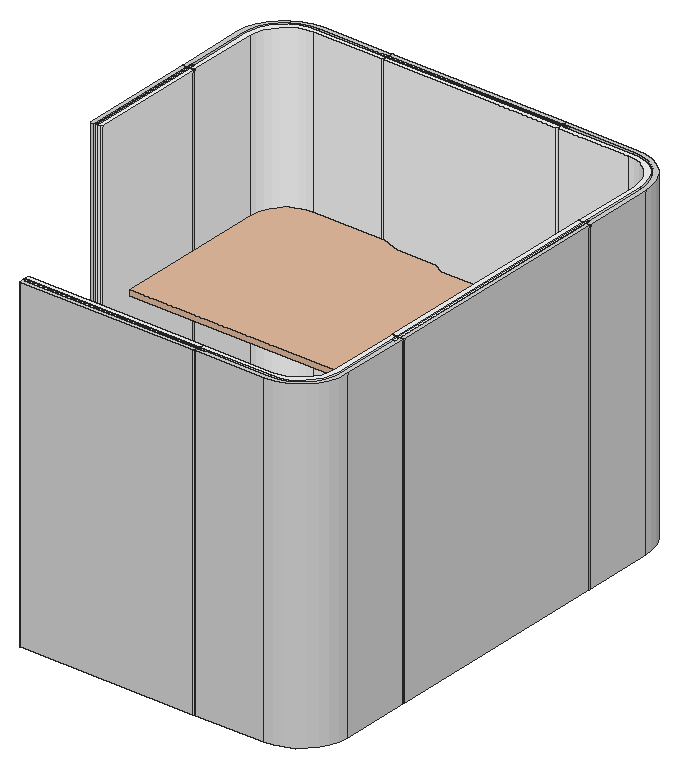
Revit family "NBS_Senator_MeetingPods_SoloAbodePlusLeftHand", category Furniture, Revit 2018
Family settings
  Work Plane-Based = No
  Always vertical = Yes
  Cut with Voids When Loaded = No
  Shared = No
  Room Calculation Point = No
Parameters
  WarrantyStartDate [instance] = "1900-12-31T23:59:59"
  WarrantyGuarantorParts = "contactus@thesenatorgroup.com"
  WarrantyGuarantorLabor = "n/a"
  WarrantyDurationUnit = "year"
  WarrantyDurationParts = "10"
  WarrantyDurationLabor = "n/a"
  WarrantyDescription = "Senator warrants that its manufactured products are free from manufacturing defects - in materials or workmanship - for a period of ten (10) years on Senator Seating ranges; and fifteen (15) years on Senator Desking ranges - exceptions are listed below. Senator will repair or replace (at Senator’s sole discretion) with comparable free of charge materials / components, any product / component, which fails under normal use in a single shift environment, as a result of a defect in the materials and / or workmanship"
  Version = "1"  # constant formula
  Uniclass2015Version = "Products v1.16"
  Uniclass2015Title = "Pr_40_50_12_53"
  Uniclass2015Code = "Meeting pods"
  TagNumber [instance] = "n/a"
  SustainabilityPerformance = "99% recyclable"
  Style = "Pods"
  Status = "UNSET"
  Size = "2000 x 1750 x 1400 mm"
  Shape = "n/a"
  SerialNumber [instance] = "n/a"
  SeatWidth = "n/a"
  SeatDepth = "n/a"
  Revision = "n/a"
  ReplacementCost = "n/a"
  Reference = "n/a"
  ProductInformation = "n/a"
  PodWidth = 1750 mm  # constant formula
  PodHeight = 1400 mm
  PodDepth = 2000 mm  # constant formula
  InnerPanelMaterial = NBS_Senator_White
  OuterPanelMaterial = NBS_Senator_StAndrews
  NominalWidth = 1400 mm
  NominalLength = 1750 mm
  NominalHeight = 1400 mm
  NominalDepth = 2000 mm
  Name = "MeetingPods_SoloAbodePlusLeftHand_PDSAP14L_Senator"
  NBSReference = "45-35-20/342"
  NBSDescription = "Meeting pods"
  NBSCertification = "www.nationalbimlibrary.com/cert/ofvhggam"
  ModelReference = "Pods-SoloAbodePlusLeftHand_PDSAP14L"
  ModelNumber = "PDSAP14L"
  Material = "Fabric, metal, plastic"
  ManufacturerURL = "www.senator.co.uk"
  ManufacturerName = "The Senator Group"  # constant formula
  Manufacturer = "sales@senator.co.uk"  # constant formula
  MainColor = "n/a"
  IsBuiltIn = no
  InstallationDate [instance] = "1900-12-31T23:59:59"
  MiddlePanelMaterial = NBS_Senator_White
  IfcExportType = "USERDEFINED"  # constant formula
  IfcExportAs = "IfcFurnitureType"  # constant formula
  Grade = "n/a"
  FramesColour = "Black, white"
  FinishOptions = "Carini walnut, mocha, autumn, strata oak, maple, highland oak, beech, winter oak, hacienda white, white, light grey, denim, clay, lemon sorbet"
  Finish = "Outer vertical panels upholstered in camira, blazer fabric Two tone is standard"
  Features = "Internal frame with multi-layered acoustic foam, levelling adjusters, blazer fabric, outer vertical panels"
  FabricFinishOptions = "Plymouth, fairfield, latymer, lancaster, silcoates, silverdale, st andrews, trevelyan, ulster, wellington, wesley, manchester,"
  ExpectedLife = "10"
  DurationUnit = "year"
  DeskWidth = 1645 mm  # constant formula
  DeskThickness = 0 mm
  DeskMaterial = NBS_Senator_HighlandOak
  DeskDepth = 800 mm  # constant formula
  Description = "Compact single person workspace"
  Constituents = "n/a"
  Color = "n/a"
  CodePerformance = "n/a"
  Category = "Pr_40_50_12_53: Meeting pods"
  BarCode [instance] = "n/a"
  BIMObjectName = "NBS_Senator_MeetingPods_SoloAbodePlusLeftHand_PDSAP14L"
  Author = "NBS"  # constant formula
  AssetType = "Fixed"
  AssetIdentifier [instance] = "n/a"
  Accessories = "Monitor arms, PU desk accessories, desk top accessories, CPU holders, electrical accessories, coat hanger, name plate, A2 dry wipe board with hanger, A3 dry wipe board with hanger"
  AccessibilityPerformance = "n/a"
Types (3, lengths in mm): name | Size | PodHeight | NominalWidth | NominalHeight | Name | ModelReference | ModelNumber | BIMObjectName
  (no name) | "2000 x 1750 x 1400 mm" | 1400 | 1400 | 1400 | "MeetingPods_SoloAbodePlusLeftHand_PDSAP14L_Senator" | "Pods-SoloAbodePlusLeftHand_PDSAP14L" | "PDSAP14L" | "NBS_Senator_MeetingPods_SoloAbodePlusLeftHand_PDSAP14L"
  PDSAP14L | "2000 x 1750 x 1400 mm" | 1400 | 1400 | 1400 | "MeetingPods_SoloAbodePlusLeftHand_PDSAP14L_Senator" | "Pods-SoloAbodePlusLeftHand_PDSAP14L" | "PDSAP14L" | "NBS_Senator_MeetingPods_SoloAbodePlusLeftHand_PDSAP14L"
  PDSAP18L | "2000 x 1750 x 1800 mm" | 1800 | 1800 | 1800 | "MeetingPods_SoloAbodePlusLeftHand_PDSAP18L_Senator" | "Pods-SoloAbodePlusLeftHand_PDSAP18L" | "PDSAP18L" | "NBS_Senator_MeetingPods_SoloAbodePlusLeftHand_PDSAP18L"
Reference planes
  plane 1 "Center (Front/Back)": y = 0
  plane 2 "Bottom": z = 0
  plane 3 "Center (Left/Right)": x = 0
  plane 4 "Right": x = 875
  plane 5 "Left": x = -875
  plane 6 "Back": y = 1000
  plane 7 "Front": y = -1000
  plane 8 "Top": z = 1400
  plane 9: y = -950
  plane 10: x = -825
  plane 11: x = 825
  plane 12: y = 950
  plane 13: y = -970
  plane 14: y = -980
  plane 15: x = 855
  plane 16: x = 845
  plane 17: y = 980
  plane 18: y = 970
  plane 19: x = -855
  plane 20: x = -845
  plane 21: x = -822.791
  plane 22: x = 822.208
  plane 23: y = 150.31
  plane 24: x = -375
  plane 25: y = -525.328
  plane 26: y = 526.117
  plane 27: x = 400.723
  plane 28: x = -400.723
  plane 29: y = 526.117
  plane 30: y = 3.745
  plane 31: y = 501.044
  plane 32: y = 500.044
  plane 33: x = -374.65
  plane 34: x = -375.65
  plane 35: x = 375.65
  plane 36: x = 374.65
  plane 37: y = 501.044
  plane 38: y = 500.044
  plane 39: y = -499.255
  plane 40: y = -500.255
  plane 41: x = 375.445
  plane 42: y = 920.31
  plane 43: y = 895.865
  plane 44: z = 710
  plane 45: z = 685
  plane 46: x = 401.518
  plane 47: x = 376.445
Forms (mm)
  Extrusion 1, solid, material "NBS_Senator_White" <- "MiddlePanelMaterial", detail levels medium+fine
    sketch origin (0, 0, 0) x (1, 0, 0) y (0, 1, 0)
      loop
        arc (-369.897, -970) -> (-374.897, -975) -> (-369.897, -980) r 5
        line (-369.897, -980) -> (401.518, -980) -> (401.518, -970) -> (-369.897, -970)
      loop
        line (845, 526.117) -> (845, -525.328) -> (855, -525.328) -> (855, 526.117) -> (845, 526.117)
      loop
        line (-400.723, 980) -> (-400.723, 970) -> (400.723, 970) -> (400.723, 980) -> (-400.723, 980)
      loop
        line (-855, 526.117) -> (-855, 8.773)
        arc (-855, 8.773) -> (-850, 3.773) -> (-845, 8.773) r 5
        line (-845, 8.773) -> (-845, 526.117) -> (-855, 526.117)
    from 0 to 1400
  Extrusion 2, solid, material "NBS_Senator_StAndrews" <- "OuterPanelMaterial", detail levels medium+fine
    sketch origin (0, 0, 0) x (1, 0, 0) y (0, 1, 0)
      loop
        arc (-369.65, 1000) -> (-373.185, 998.536) -> (-374.65, 995) r 5
        line (-374.65, 995) -> (-374.65, 985)
        arc (-374.65, 985) -> (-373.185, 981.464) -> (-369.65, 980) r 5
        line (-369.65, 980) -> (369.65, 980)
        arc (369.65, 980) -> (373.185, 981.464) -> (374.65, 985) r 5
        line (374.65, 985) -> (374.65, 995)
        arc (374.65, 995) -> (373.185, 998.536) -> (369.65, 1000) r 5
        line (369.65, 1000) -> (-369.65, 1000)
    from 0 to 1400
  Extrusion 3, solid, material "NBS_Senator_White" <- "InnerPanelMaterial", detail levels medium+fine
    sketch origin (0, 0, 0) x (1, 0, 0) y (0, 1, 0)
      loop
        arc (-369.65, 970) -> (-373.185, 968.536) -> (-374.65, 965) r 5
        line (-374.65, 965) -> (-374.65, 955)
        arc (-374.65, 955) -> (-373.185, 951.464) -> (-369.65, 950) r 5
        line (-369.65, 950) -> (369.65, 950)
        arc (369.65, 950) -> (373.185, 951.464) -> (374.65, 955) r 5
        line (374.65, 955) -> (374.65, 965)
        arc (374.65, 965) -> (373.185, 968.536) -> (369.65, 970) r 5
        line (369.65, 970) -> (-369.65, 970)
    from 0 to 1400
  Extrusion 4, solid, material "NBS_Senator_White" <- "InnerPanelMaterial", detail levels medium+fine
    sketch origin (0, 0, 0) x (1, 0, 0) y (0, 1, 0)
      loop
        arc (-840, 500.044) -> (-843.536, 498.58) -> (-845, 495.044) r 5
        line (-845, 495.044) -> (-845, 8.745)
        arc (-845, 8.745) -> (-843.536, 5.209) -> (-840, 3.745) r 5
        line (-840, 3.745) -> (-830, 3.745)
        arc (-830, 3.745) -> (-826.464, 5.209) -> (-825, 8.745) r 5
        line (-825, 8.745) -> (-825, 495.044)
        arc (-825, 495.044) -> (-826.464, 498.58) -> (-830, 500.044) r 5
        line (-830, 500.044) -> (-840, 500.044)
    from 0 to 1400
  Extrusion 5, solid, material "NBS_Senator_White" <- "InnerPanelMaterial", detail levels medium+fine
    sketch origin (0, 0, 0) x (1, 0, 0) y (0, 1, 0)
      loop
        line (-380.65, 970) -> (-680, 970)
        arc (-680, 970) -> (-796.673, 921.673) -> (-845, 805) r 165
        line (-845, 805) -> (-845, 506.044)
        arc (-845, 506.044) -> (-843.536, 502.509) -> (-840, 501.044) r 5
        line (-840, 501.044) -> (-830, 501.044)
        arc (-830, 501.044) -> (-826.464, 502.509) -> (-825, 506.044) r 5
        line (-825, 506.044) -> (-825, 800)
        arc (-825, 800) -> (-781.066, 906.066) -> (-675, 950) r 150
        line (-675, 950) -> (-380.65, 950)
        arc (-380.65, 950) -> (-377.114, 951.464) -> (-375.65, 955) r 5
        line (-375.65, 955) -> (-375.65, 965)
        arc (-375.65, 965) -> (-377.114, 968.536) -> (-380.65, 970) r 5
    from 0 to 1400
  Extrusion 6, solid, material "NBS_Senator_White" <- "InnerPanelMaterial", detail levels medium+fine
    sketch origin (0, 0, 0) x (1, 0, 0) y (0, 1, 0)
      loop
        line (830, 501.044) -> (840, 501.044)
        arc (840, 501.044) -> (843.536, 502.509) -> (845, 506.044) r 5
        line (845, 506.044) -> (845, 805)
        arc (845, 805) -> (796.673, 921.673) -> (680, 970) r 165
        line (680, 970) -> (380.65, 970)
        arc (380.65, 970) -> (377.114, 968.536) -> (375.65, 965) r 5
        line (375.65, 965) -> (375.65, 955)
        arc (375.65, 955) -> (377.114, 951.464) -> (380.65, 950) r 5
        line (380.65, 950) -> (675, 950)
        arc (675, 950) -> (781.066, 906.066) -> (825, 800) r 150
        line (825, 800) -> (825, 506.044)
        arc (825, 506.044) -> (826.464, 502.509) -> (830, 501.044) r 5
    from 0 to 1400
  Extrusion 7, solid, material "NBS_Senator_White" <- "InnerPanelMaterial", detail levels medium+fine
    sketch origin (0, 0, 0) x (1, 0, 0) y (0, 1, 0)
      loop
        arc (830, 500.044) -> (826.464, 498.58) -> (825, 495.044) r 5
        line (825, 495.044) -> (825, -494.255)
        arc (825, -494.255) -> (826.464, -497.791) -> (830, -499.255) r 5
        line (830, -499.255) -> (840, -499.255)
        arc (840, -499.255) -> (843.536, -497.791) -> (845, -494.255) r 5
        line (845, -494.255) -> (845, 495.044)
        arc (845, 495.044) -> (843.536, 498.58) -> (840, 500.044) r 5
        line (840, 500.044) -> (830, 500.044)
    from 0 to 1400
  Extrusion 8, solid, material "NBS_Senator_White" <- "InnerPanelMaterial", detail levels medium+fine
    sketch origin (0, 0, 0) x (1, 0, 0) y (0, 1, 0)
      loop
        arc (381.445, -950) -> (377.91, -951.464) -> (376.445, -955) r 5
        line (376.445, -955) -> (376.445, -965)
        arc (376.445, -965) -> (377.91, -968.536) -> (381.445, -970) r 5
        line (381.445, -970) -> (680, -970)
        arc (680, -970) -> (796.673, -921.673) -> (845, -805) r 165
        line (845, -805) -> (845, -505.255)
        arc (845, -505.255) -> (843.536, -501.72) -> (840, -500.255) r 5
        line (840, -500.255) -> (830, -500.255)
        arc (830, -500.255) -> (826.464, -501.72) -> (825, -505.255) r 5
        line (825, -505.255) -> (825, -800)
        arc (825, -800) -> (781.066, -906.066) -> (675, -950) r 150
        line (675, -950) -> (381.445, -950)
    from 0 to 1400
  Extrusion 9, solid, material "NBS_Senator_StAndrews" <- "OuterPanelMaterial", detail levels medium+fine
    sketch origin (-30, 0, 0) x (1, 0, 0) y (0, 1, 0)
      loop
        arc (-840, 500.044) -> (-843.536, 498.58) -> (-845, 495.044) r 5
        line (-845, 495.044) -> (-845, 8.745)
        arc (-845, 8.745) -> (-843.536, 5.209) -> (-840, 3.745) r 5
        line (-840, 3.745) -> (-830, 3.745)
        arc (-830, 3.745) -> (-826.464, 5.209) -> (-825, 8.745) r 5
        line (-825, 8.745) -> (-825, 495.044)
        arc (-825, 495.044) -> (-826.464, 498.58) -> (-830, 500.044) r 5
        line (-830, 500.044) -> (-840, 500.044)
    from 0 to 1400
  Extrusion 10, solid, material "NBS_Senator_StAndrews" <- "OuterPanelMaterial", detail levels medium+fine
    sketch origin (0, 0, 0) x (1, 0, 0) y (0, 1, 0)
      loop
        line (-870, 501.044) -> (-860, 501.044)
        arc (-860, 501.044) -> (-856.464, 502.509) -> (-855, 506.044) r 5
        line (-855, 506.044) -> (-855, 800)
        arc (-855, 800) -> (-802.279, 927.279) -> (-675, 980) r 180
        line (-675, 980) -> (-380.65, 980)
        arc (-380.65, 980) -> (-377.114, 981.464) -> (-375.65, 985) r 5
        line (-375.65, 985) -> (-375.65, 995)
        arc (-375.65, 995) -> (-377.114, 998.536) -> (-380.65, 1000) r 5
        line (-380.65, 1000) -> (-673, 1000)
        arc (-673, 1000) -> (-815.836, 940.836) -> (-875, 798) r 202
        line (-875, 798) -> (-875, 506.044)
        arc (-875, 506.044) -> (-873.536, 502.509) -> (-870, 501.044) r 5
    from 0 to 1400
  Extrusion 11, solid, material "NBS_Senator_StAndrews" <- "OuterPanelMaterial", detail levels medium+fine
    sketch origin (0, 0, 0) x (1, 0, 0) y (0, 1, 0)
      loop
        arc (380.65, 1000) -> (377.114, 998.536) -> (375.65, 995) r 5
        line (375.65, 995) -> (375.65, 985)
        arc (375.65, 985) -> (377.114, 981.464) -> (380.65, 980) r 5
        line (380.65, 980) -> (675, 980)
        arc (675, 980) -> (802.279, 927.279) -> (855, 800) r 180
        line (855, 800) -> (855, 506.044)
        arc (855, 506.044) -> (856.464, 502.509) -> (860, 501.044) r 5
        line (860, 501.044) -> (870, 501.044)
        arc (870, 501.044) -> (873.536, 502.509) -> (875, 506.044) r 5
        line (875, 506.044) -> (875, 798)
        arc (875, 798) -> (815.836, 940.836) -> (673, 1000) r 202
        line (673, 1000) -> (380.65, 1000)
    from 0 to 1400
  Extrusion 12, solid, material "NBS_Senator_StAndrews" <- "OuterPanelMaterial", detail levels medium+fine
    sketch origin (33.932, 0, 0) x (1, 0, 0) y (0, 1, 0)
      loop
        arc (826.068, 500.044) -> (822.533, 498.58) -> (821.068, 495.044) r 5
        line (821.068, 495.044) -> (821.068, -494.255)
        arc (821.068, -494.255) -> (822.533, -497.791) -> (826.068, -499.255) r 5
        line (826.068, -499.255) -> (836.068, -499.255)
        arc (836.068, -499.255) -> (839.604, -497.791) -> (841.068, -494.255) r 5
        line (841.068, -494.255) -> (841.068, 495.044)
        arc (841.068, 495.044) -> (839.604, 498.58) -> (836.068, 500.044) r 5
        line (836.068, 500.044) -> (826.068, 500.044)
    from 0 to 1400
  Extrusion 13, solid, material "NBS_Senator_StAndrews" <- "OuterPanelMaterial", detail levels medium+fine
    sketch origin (0, 0, 0) x (1, 0, 0) y (0, 1, 0)
      loop
        arc (860, -500.255) -> (856.464, -501.72) -> (855, -505.255) r 5
        line (855, -505.255) -> (855, -800)
        arc (855, -800) -> (802.279, -927.279) -> (675, -980) r 180
        line (675, -980) -> (381.445, -980)
        arc (381.445, -980) -> (377.91, -981.464) -> (376.445, -985) r 5
        line (376.445, -985) -> (376.445, -995)
        arc (376.445, -995) -> (377.91, -998.536) -> (381.445, -1000) r 5
        line (381.445, -1000) -> (673, -1000)
        arc (673, -1000) -> (815.836, -940.836) -> (875, -798) r 202
        line (875, -798) -> (875, -505.255)
        arc (875, -505.255) -> (873.536, -501.72) -> (870, -500.255) r 5
        line (870, -500.255) -> (860, -500.255)
    from 0 to 1400
  Extrusion 14, solid, material "NBS_Senator_White" <- "InnerPanelMaterial", detail levels medium+fine
    sketch origin (0, 0, 0) x (1, 0, 0) y (0, 1, 0)
      loop
        arc (-370, -950) -> (-373.536, -951.464) -> (-375, -955) r 5
        line (-375, -955) -> (-375, -965)
        arc (-375, -965) -> (-373.536, -968.536) -> (-370, -970) r 5
        line (-370, -970) -> (370.445, -970)
        arc (370.445, -970) -> (373.981, -968.536) -> (375.445, -965) r 5
        line (375.445, -965) -> (375.445, -955)
        arc (375.445, -955) -> (373.981, -951.464) -> (370.445, -950) r 5
        line (370.445, -950) -> (-370, -950)
    from 0 to 1400
  Extrusion 15, solid, material "NBS_Senator_StAndrews" <- "OuterPanelMaterial", detail levels medium+fine
    sketch origin (0, 0, 0) x (1, 0, 0) y (0, 1, 0)
      loop
        arc (-370, -980) -> (-373.536, -981.464) -> (-375, -985) r 5
        line (-375, -985) -> (-375, -995)
        arc (-375, -995) -> (-373.536, -998.536) -> (-370, -1000) r 5
        line (-370, -1000) -> (370.445, -1000)
        arc (370.445, -1000) -> (373.981, -998.536) -> (375.445, -995) r 5
        line (375.445, -995) -> (375.445, -985)
        arc (375.445, -985) -> (373.981, -981.464) -> (370.445, -980) r 5
        line (370.445, -980) -> (-370, -980)
    from 0 to 1400
  Extrusion 16, solid, material "NBS_Senator_StAndrews" <- "OuterPanelMaterial", detail levels coarse
    sketch origin (0, 0, 0) x (1, 0, 0) y (0, 1, 0)
      loop
        line (-875, 3.745) -> (-825, 3.745) -> (-825, 800)
        arc (-825, 800) -> (-781.066, 906.066) -> (-675, 950) r 150
        line (-675, 950) -> (675, 950)
        arc (675, 950) -> (781.066, 906.066) -> (825, 800) r 150
        line (825, 800) -> (825, -800)
        arc (825, -800) -> (781.066, -906.066) -> (675, -950) r 150
        line (675, -950) -> (-375, -950) -> (-375, -1000) -> (673, -1000)
        arc (673, -1000) -> (815.836, -940.836) -> (875, -798) r 202
        line (875, -798) -> (875, 798)
        arc (875, 798) -> (815.836, 940.836) -> (673, 1000) r 202
        line (673, 1000) -> (-673, 1000)
        arc (-673, 1000) -> (-815.836, 940.836) -> (-875, 798) r 202
        line (-875, 798) -> (-875, 3.745)
    from 0 to 1400
Dimensions and locks
  "PodWidth": plane 5 "Left" to plane 4 "Right"
  "PodDepth": plane 7 "Front" to plane 6 "Back"
  equal spacing: plane 5 "Left", plane 3 "Center (Left/Right)", plane 4 "Right"
  "PodHeight": plane 8 "Top" to plane 2 "Bottom"
  plane 5 "Left" to plane 19 to plane 20 to plane 10 to plane 21 = 20 mm locked, 10 mm locked, 20 mm locked, 2.209 mm locked
  plane 22 to plane 11 to plane 16 to plane 15 to plane 4 "Right" = 2.792 mm locked, 20 mm locked, 10 mm locked, 20 mm locked
  plane 12 to plane 18 to plane 17 to plane 6 "Back" = 20 mm locked, 10 mm locked, 20 mm locked
  plane 7 "Front" to plane 14 to plane 13 to plane 9 = 20 mm locked, 10 mm locked, 20 mm locked
  locked: plane 44 to plane 45 at 25
  locked: plane 44 to plane 2 "Bottom" at 710
  locked: plane 34 to plane 33 at 1
  locked: plane 28 to plane 34 at 25.073
  locked: plane 5 "Left" to plane 33 at 500.35
  locked: plane 36 to plane 35 at 1
  locked: plane 35 to plane 27 at 25.073
  locked: plane 36 to plane 4 "Right" at 500.35
  radius of Extrusion 2 sketch curve = 5 mm  (x4)
  radius of Extrusion 3 sketch curve = 5 mm  (x2)
  radius of Extrusion 5 sketch curve = 150 mm
  radius of Extrusion 5 sketch curve = 165 mm
  radius of Extrusion 5 sketch curve = 5 mm  (x2)
  radius of Extrusion 6 sketch curve = 165 mm
  radius of Extrusion 6 sketch curve = 150 mm
  radius of Extrusion 6 sketch curve = 5 mm  (x2)
  radius of Extrusion 10 sketch curve = 180 mm
  radius of Extrusion 10 sketch curve = 202 mm
  radius of Extrusion 10 sketch curve = 5 mm  (x4)
  radius of Extrusion 11 sketch curve = 180 mm
  radius of Extrusion 11 sketch curve = 202 mm
  radius of Extrusion 11 sketch curve = 5 mm  (x4)
  radius of Extrusion 13 sketch curve = 180 mm
  radius of Extrusion 13 sketch curve = 202 mm
  radius of Extrusion 13 sketch curve = 5 mm  (x4)
  radius of Extrusion 14 sketch curve = 5 mm  (x4)
  radius of Extrusion 15 sketch curve = 5 mm  (x4)
  radius of Extrusion 16 sketch curve = 150 mm  (x3)
  radius of Extrusion 16 sketch curve = 202 mm  (x3)
  aligned and locked: level to plane 2 "Bottom"
  aligned and locked: plane 13 to Extrusion 1 sketch curve
  aligned and locked: Extrusion 1 sketch curve to plane 14
  aligned and locked: plane 25 to Extrusion 1 sketch curve
  aligned and locked: plane 16 to Extrusion 1 sketch curve
  aligned and locked: Extrusion 1 sketch curve to plane 15
  aligned and locked: Extrusion 1 sketch curve to plane 26
  aligned and locked: plane 27 to Extrusion 1 sketch curve
  aligned and locked: plane 17 to Extrusion 1 sketch curve
  aligned and locked: Extrusion 1 sketch curve to plane 18
  aligned and locked: Extrusion 1 sketch curve to plane 28
  aligned and locked: Extrusion 1 sketch curve to plane 20
  aligned and locked: plane 19 to Extrusion 1 sketch curve
  aligned and locked: Extrusion 1 sketch curve to plane 29
  aligned and locked: Extrusion 1 to plane 2 "Bottom"
  aligned and locked: plane 8 "Top" to Extrusion 1
  aligned and locked: plane 36 to Extrusion 2 sketch curve
  aligned and locked: plane 6 "Back" to Extrusion 2 sketch curve
  aligned and locked: Extrusion 2 sketch curve to plane 17
  aligned and locked: Extrusion 2 sketch curve to plane 33
  aligned and locked: Extrusion 3 to plane 36
  aligned and locked: plane 33 to Extrusion 3
  aligned and locked: Extrusion 4 sketch curve to plane 10
  aligned and locked: plane 30 to Extrusion 4 sketch curve
  aligned and locked: plane 20 to Extrusion 4 sketch curve
  aligned and locked: Extrusion 4 sketch curve to plane 32
  aligned and locked: Extrusion 4 to plane 2 "Bottom"
  aligned and locked: plane 8 "Top" to Extrusion 4
  aligned and locked: Extrusion 5 sketch curve to plane 10
  aligned and locked: plane 31 to Extrusion 5 sketch curve
  aligned and locked: plane 20 to Extrusion 5 sketch curve
  aligned and locked: plane 12 to Extrusion 5 sketch curve
  aligned and locked: Extrusion 5 sketch curve to plane 18
  aligned and locked: Extrusion 5 sketch curve to plane 34
  aligned and locked: plane 8 "Top" to Extrusion 5
  aligned and locked: Extrusion 5 to plane 2 "Bottom"
  aligned and locked: Extrusion 2 to plane 2 "Bottom"
  aligned and locked: plane 8 "Top" to Extrusion 2
  aligned and locked: Extrusion 3 sketch curve to plane 12
  aligned and locked: Extrusion 3 to plane 18
  aligned and locked: plane 18 to Extrusion 3 sketch curve
  aligned and locked: Extrusion 3 sketch curve to plane 33
  aligned and locked: plane 36 to Extrusion 3 sketch curve
  aligned and locked: Extrusion 6 sketch curve to plane 35
  aligned and locked: Extrusion 6 sketch curve to plane 12
  aligned and locked: plane 18 to Extrusion 6 sketch curve
  aligned and locked: Extrusion 6 sketch curve to plane 37
  aligned and locked: Extrusion 6 sketch curve to plane 11
  aligned and locked: plane 16 to Extrusion 6 sketch curve
  aligned and locked: Extrusion 6 to plane 2 "Bottom"
  aligned and locked: plane 8 "Top" to Extrusion 6
  aligned and locked: Extrusion 7 sketch curve to plane 38
  aligned and locked: plane 11 to Extrusion 7 sketch curve
  aligned and locked: Extrusion 7 sketch curve to plane 16
  aligned and locked: plane 39 to Extrusion 7 sketch curve
  aligned and locked: Extrusion 7 to plane 2 "Bottom"
  aligned and locked: plane 8 "Top" to Extrusion 7
  aligned and locked: Extrusion 8 sketch curve to plane 40
  aligned and locked: plane 11 to Extrusion 8 sketch curve
  aligned and locked: Extrusion 8 sketch curve to plane 16
  aligned and locked: plane 9 to Extrusion 8 sketch curve
  aligned and locked: Extrusion 8 sketch curve to plane 13
  aligned and locked: Extrusion 8 to plane 2 "Bottom"
  aligned and locked: plane 8 "Top" to Extrusion 8
  aligned and locked: plane 30 to Extrusion 9 sketch curve
  aligned and locked: plane 5 "Left" to Extrusion 9 sketch curve
  aligned and locked: Extrusion 9 sketch curve to plane 19
  aligned and locked: Extrusion 9 sketch curve to plane 32
  aligned and locked: Extrusion 10 sketch curve to plane 31
  aligned and locked: plane 19 to Extrusion 10 sketch curve
  aligned and locked: Extrusion 10 sketch curve to plane 5 "Left"
  aligned and locked: plane 6 "Back" to Extrusion 10 sketch curve
  aligned and locked: Extrusion 10 sketch curve to plane 17
  aligned and locked: plane 34 to Extrusion 10 sketch curve
  aligned and locked: Extrusion 10 to plane 2 "Bottom"
  aligned and locked: plane 8 "Top" to Extrusion 10
  aligned and locked: plane 15 to Extrusion 11 sketch curve
  aligned and locked: plane 37 to Extrusion 11 sketch curve
  aligned and locked: Extrusion 11 sketch curve to plane 4 "Right"
  aligned and locked: Extrusion 11 sketch curve to plane 17
  aligned and locked: Extrusion 11 sketch curve to plane 35
  aligned and locked: plane 6 "Back" to Extrusion 11 sketch curve
  aligned and locked: Extrusion 12 sketch curve to plane 4 "Right"
  aligned and locked: plane 39 to Extrusion 12 sketch curve
  aligned and locked: plane 15 to Extrusion 12 sketch curve
  aligned and locked: Extrusion 12 sketch curve to plane 38
  aligned and locked: plane 8 "Top" to Extrusion 12
  aligned and locked: Extrusion 12 to plane 2 "Bottom"
  aligned and locked: plane 15 to Extrusion 13 sketch curve
  aligned and locked: Extrusion 13 sketch curve to plane 4 "Right"
  aligned and locked: Extrusion 13 sketch curve to plane 40
  aligned and locked: Extrusion 13 sketch curve to plane 7 "Front"
  aligned and locked: plane 14 to Extrusion 13 sketch curve
  aligned and locked: Extrusion 13 to plane 2 "Bottom"
  aligned and locked: plane 8 "Top" to Extrusion 13
  aligned and locked: plane 9 to Extrusion 14 sketch curve
  aligned and locked: plane 24 to Extrusion 14 sketch curve
  aligned and locked: plane 41 to Extrusion 14 sketch curve
  aligned and locked: Extrusion 14 sketch curve to plane 13
  aligned and locked: Extrusion 14 to plane 2 "Bottom"
  aligned and locked: plane 8 "Top" to Extrusion 14
  aligned and locked: plane 14 to Extrusion 15 sketch curve
  aligned and locked: plane 24 to Extrusion 15 sketch curve
  aligned and locked: Extrusion 15 sketch curve to plane 7 "Front"
  aligned and locked: plane 41 to Extrusion 15 sketch curve
  aligned and locked: Extrusion 15 to plane 2 "Bottom"
  aligned and locked: plane 8 "Top" to Extrusion 15
  aligned and locked: plane 8 "Top" to Extrusion 3
  aligned and locked: Extrusion 3 to plane 2 "Bottom"
  aligned and locked: plane 8 "Top" to Extrusion 11
  aligned and locked: Extrusion 11 to plane 2 "Bottom"
  aligned and locked: nested 1 to plane 44
  aligned and locked: nested 1 to plane 45
  aligned and locked: plane 3 "Center (Left/Right)" to nested 1
  aligned and locked: plane 12 to nested 1
  aligned and locked: Extrusion 9 to plane 2 "Bottom"
  aligned and locked: plane 8 "Top" to Extrusion 9
  aligned and locked: plane 24 to Extrusion 16 sketch curve
  aligned and locked: Extrusion 16 sketch curve to plane 7 "Front"
  aligned and locked: plane 9 to Extrusion 16 sketch curve
  aligned and locked: Extrusion 16 sketch curve to plane 4 "Right"
  aligned and locked: plane 11 to Extrusion 16 sketch curve
  aligned and locked: plane 6 "Back" to Extrusion 16 sketch curve
  aligned and locked: Extrusion 16 sketch curve to plane 12
  aligned and locked: Extrusion 16 sketch curve to plane 10
  aligned and locked: plane 5 "Left" to Extrusion 16 sketch curve
  aligned and locked: plane 30 to Extrusion 16 sketch curve
  aligned and locked: Extrusion 16 to plane 2 "Bottom"
  aligned and locked: plane 8 "Top" to Extrusion 16
  aligned and locked: plane 46 to Extrusion 1 sketch curve
  aligned and locked: Extrusion 13 sketch curve to plane 47
  aligned and locked: Extrusion 8 sketch curve to plane 47
Automatic sketch dimensions
  plane 24 to Extrusion 1 sketch curve = 5.103 mm
  plane 30 to Extrusion 1 sketch curve = 5.028 mm
  plane 6 "Back" to Extrusion 2 sketch curve = 5 mm
  Extrusion 3 sketch curve to plane 33 = 5 mm
  plane 36 to Extrusion 3 sketch curve = 5 mm
  plane 20 to Extrusion 4 sketch curve = 5 mm
  Extrusion 4 sketch curve to Extrusion 4 sketch curve = 5 mm
  Extrusion 4 sketch curve to plane 10 = 5 mm  (x2)
  Extrusion 5 sketch curve to Extrusion 5 sketch curve = 5 mm
  Extrusion 5 sketch curve to plane 10 = 5 mm
  plane 11 to Extrusion 6 sketch curve = 5 mm
  Extrusion 6 sketch curve to Extrusion 6 sketch curve = 5 mm
  plane 11 to Extrusion 7 sketch curve = 5 mm  (x2)
  Extrusion 7 sketch curve to plane 16 = 5 mm
  Extrusion 7 sketch curve to Extrusion 7 sketch curve = 5 mm
  plane 9 to Extrusion 8 sketch curve = 5 mm
  Extrusion 8 sketch curve to plane 13 = 5 mm
  plane 22 to Extrusion 8 sketch curve = 147.208 mm
  Extrusion 8 sketch curve to Extrusion 8 sketch curve = 5 mm  (x2)
  plane 11 to Extrusion 8 sketch curve = 5 mm
  plane 5 "Left" to Extrusion 9 sketch curve = 5 mm
  Extrusion 9 sketch curve to Extrusion 9 sketch curve = 5 mm
  Extrusion 9 sketch curve to plane 19 = 5 mm  (x2)
  Extrusion 12 sketch curve to Extrusion 12 sketch curve = 5 mm
  Extrusion 12 sketch curve to plane 32 = 5 mm
  Extrusion 12 sketch curve to plane 4 "Right" = 5 mm  (x2)
Nested families
  nested 1: "NBS_Senator_Desk_PDSAT" at (0, 950, 685), type "NBS_Senator_Desk_PDSAT"
    with DeskWidth 1645 mm, DeskDepth 800 mm
Definition of nested family "NBS_Senator_Desk_PDSAT"
  Parameters (values of type "NBS_Senator_Desk_PDSAT")
    DeskWidth = 1640 mm
    DeskThickness = 25 mm
    DeskMaterial = none
    DeskDepth = 960 mm
  Reference planes
    plane 1 "Back": y = 0
    plane 2 "Bottom": z = 0
    plane 3 "Center (Left/Right)": x = 0
    plane 4 "Left": x = -820
    plane 5 "Right": x = 820
    plane 6 "Front": y = -960
    plane 7 "Top": z = 25
  Forms (mm)
    Extrusion 1, solid, material <- "DeskMaterial"
      sketch origin (0, 0, 0) x (1, 0, 0) y (0, 1, 0)
        loop
          arc (-670, 0) -> (-776.066, -43.934) -> (-820, -150) r 150
          line (-820, -150) -> (-820, -960) -> (820, -960) -> (820, -150)
          arc (820, -150) -> (776.066, -43.934) -> (670, 0) r 150
          line (670, 0) -> (369.041, 0) -> (289.799, -29.69) -> (126.526, -29.69) -> (84.186, -54.135) -> (-84.186, -54.135) -> (-126.526, -29.69) -> (-289.799, -29.69) -> (-369.041, 0) -> (-670, 0)
      from 0 to 25
  Dimensions and locks
    equal spacing: plane 4 "Left", plane 3 "Center (Left/Right)", plane 5 "Right"
    "DeskWidth": plane 4 "Left" to plane 5 "Right"
    "DeskDepth": plane 6 "Front" to plane 1 "Back"
    Extrusion 1 sketch curve to Extrusion 1 sketch curve to Extrusion 1 sketch curve to plane 3 "Center (Left/Right)" to Extrusion 1 sketch curve to Extrusion 1 sketch curve to Extrusion 1 sketch curve = 79.242 mm locked, 163.273 mm locked, 126.526 mm locked, 126.526 mm locked, 163.273 mm locked, 79.242 mm locked
    "DeskThickness": plane 7 "Top" to level
    aligned and locked: level to plane 2 "Bottom"
    aligned and locked: plane 1 "Back" to Extrusion 1 sketch curve
    aligned and locked: plane 4 "Left" to Extrusion 1 sketch curve
    aligned and locked: plane 6 "Front" to Extrusion 1 sketch curve
    aligned and locked: Extrusion 1 sketch curve to plane 5 "Right"
    aligned and locked: Extrusion 1 to plane 2 "Bottom"
    aligned and locked: plane 7 "Top" to Extrusion 1
  Automatic sketch dimensions
    plane 4 "Left" to Extrusion 1 sketch curve = 150 mm
    plane 1 "Back" to Extrusion 1 sketch curve = 150 mm
    plane 1 "Back" to Extrusion 1 sketch curve = 29.69 mm  (x2)
    Extrusion 1 sketch curve to Extrusion 1 sketch curve = 42.34 mm  (x2)
    plane 1 "Back" to Extrusion 1 sketch curve = 0 mm
    Extrusion 1 sketch curve to Extrusion 1 sketch curve = 24.445 mm
